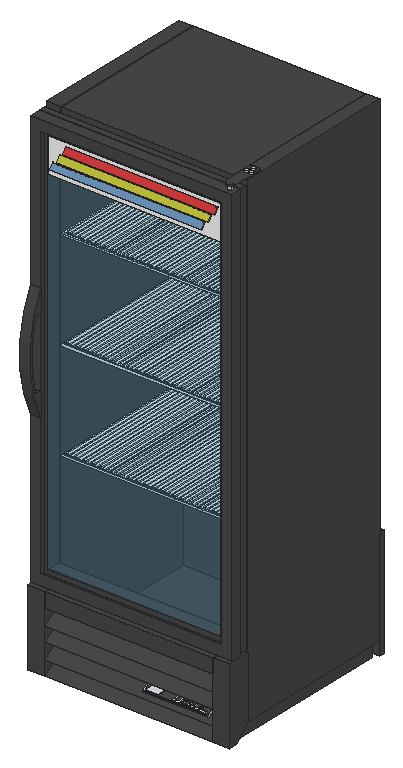
Revit family "QF_TRUE_GDM-12-HC~TSL01", category Specialty Equipment, Revit 2016 (continued)
Definition of nested family "GDM-12-HC-TSL01"
  Definition of nested family "QF_LOGO_TRUE"
    Forms (in)
      Extrusion 5, solid, not visible
        sketch origin (121.45701, -16.5, 4.98235) x (1, 0, 0) y (0, 0, 1)
          loop
            arc (26.3396, 35.45485) -> (26.41429, 35.44188) -> (26.47267, 35.39352) r 0.14748
            arc (26.47267, 35.39352) -> (26.48041, 35.32725) -> (26.45047, 35.26762) r 0.11636
          loop
            arc (26.35412, 35.17841) -> (26.19578, 35.0555) -> (26.00982, 34.98069) r 0.72453
            arc (26.00982, 34.98069) -> (25.9036, 34.95581) -> (25.79459, 34.9604) r 0.40201
            arc (25.79459, 34.9604) -> (25.7275, 34.98819) -> (25.69972, 35.05528) r 0.09488
            arc (25.69972, 35.05528) -> (25.71867, 35.12629) -> (25.77049, 35.17841) r 0.1425
            line (25.77049, 35.17841) -> (25.73665, 35.18748)
            arc (25.73665, 35.18748) -> (25.67632, 35.09876) -> (25.66924, 34.99171) r 0.20432
            arc (25.66924, 34.99171) -> (25.71443, 34.9227) -> (25.79473, 34.90384) r 0.11116
            arc (25.79473, 34.90384) -> (25.91172, 34.89904) -> (26.02716, 34.91862) r 0.56145
            arc (26.02716, 34.91862) -> (26.27675, 35.021) -> (26.49584, 35.17841) r 1.15683
            line (26.49584, 35.17841) -> (26.35412, 35.17841)
        from 31.54261 to 31.56272
    Dimensions and locks (in)
      aligned and locked: level to plane 2
      aligned and locked: Extrusion 2 to Extrusion 3  (x2)
      aligned and locked: Extrusion 2 sketch curve to Extrusion 3
Definition of nested family "2.5 INCHES_CASTER"
  Parameters (values of type "2.5 INCHES_CASTER")
    Weight = ""
    URL Manufacturer = ""
    URL Cutsheet = ""
    URL = ""
    Type Mark [instance] = ""
    Specification by User [instance] = ""
    Specification by Manufacturer = ""
    Serial Number = ""
    Seismic Rating = ""
    SMACNA No = ""
    Revision Code [instance] = ""
    Omniclass Number and Title = ""
    NAFEM Spec ID Number = ""
    Model = ""
    MasterSpec. = ""
    Manufacturer = ""
    Item Number [instance] = ""
    Installed By [instance] = ""
    Identify Quantity as Lot [instance] = yes
    Furnished By [instance] = ""
    Foodservice Equipment Identifier [instance] = yes
    Description = ""
    CSI MasterFormat = ""
    CSI Master Format = ""
    Assembly Code = ""
    2.5 Inches Caster [instance] = yes
  Reference planes (in)
    plane 1: z = 0
    plane 2 "RIGHT": x = 0
    plane 3 "FRONT": y = 0
    plane 4 "TOP": z = 2.5
  Forms (in)
    Revolve 1, solid, visible <- "2.5 Inches Caster"
      sketch origin (-1.93794, 0.83816, -1.0041) x (1, 0, 0) y (0, 0, 1)
        loop
          line (0.74055, 1.92597) -> (0.74055, 1.85047) -> (0.79055, 1.80047) -> (0.85055, 1.80047) -> (0.85055, 1.6804) -> (1.235, 1.6804) -> (1.235, 1.61305) -> (1.38673, 1.52545) -> (1.4003, 1.4416) -> (1.34375, 1.4416) -> (1.34375, 1.3166) -> (1.375, 1.3166) -> (1.375, 1.0041) -> (2.48438, 1.0041) -> (2.48438, 1.3166) -> (2.51563, 1.3166) -> (2.51563, 1.4416) -> (2.45908, 1.4416) -> (2.47322, 1.52897) -> (2.62438, 1.61624) -> (2.62438, 1.6804) -> (3.04007, 1.6804) -> (3.04007, 1.80047) -> (3.10007, 1.80047) -> (3.15007, 1.85047) -> (3.15007, 1.92597) -> (0.74055, 1.92597)
        axis (0.74055, 1.92597) -> (3.15007, 1.92597)
      angle from 0 to 360
    Extrusion 2, solid, visible <- "2.5 Inches Caster"
      sketch origin (-1.93794, 1.80294, -3.2541) x (0, 1, 0) y (0, 0, 1)
        loop
          line (-0.64294, 5.43229) -> (-0.64294, 5.55298) -> (-2.21294, 5.55298) -> (-2.21294, 5.30272) -> (-1.81966, 5.30272)
          arc (-1.81966, 5.30272) -> (-1.13638, 5.20789) -> (-0.46376, 5.05475) r 8.02767
          arc (-0.46376, 5.05475) -> (-0.19511, 4.95469) -> (0.05138, 4.80832) r 1.60049
          line (0.05138, 4.80832) -> (0.12713, 4.91318)
          arc (0.12713, 4.91318) -> (-0.07255, 5.06376) -> (-0.29048, 5.18644) r 1.8753
          line (-0.29048, 5.18644) -> (-0.22239, 5.30423)
          arc (-0.22239, 5.30423) -> (-0.42776, 5.38437) -> (-0.64294, 5.43229) r 1.44292
      from 1.17357 to 2.70231
    Revolve 3, solid, visible <- "2.5 Inches Caster"
      sketch origin (0, 2.10856, -3.75) x (0, 1, 0) y (0, 0, 1)
        loop
          line (-1.73858, 6.25) -> (-1.73858, 6.04889) -> (-1.05793, 6.04889) -> (-1.05793, 6.25) -> (-1.73858, 6.25)
        axis (-1.73858, 6.04889) -> (-1.73858, 6.25)
      angle from 0 to 360
    Extrusion 4, solid, visible <- "2.5 Inches Caster"
      sketch origin (-1.98481, 1.80294, -1.7541) x (0, 1, 0) y (0, 0, 1)
        loop
          line (-2.21294, 4.05298) -> (-2.21294, 3.80272) -> (-2.13999, 3.80272)
          arc (-2.13999, 3.80272) -> (-1.62379, 3.51899) -> (-1.39241, 2.97729) r 0.90292
          arc (-1.39241, 2.97729) -> (-1.36136, 2.78161) -> (-1.29729, 2.59413) r 1.15385
          arc (-1.29729, 2.59413) -> (-0.94802, 2.37355) -> (-0.6121, 2.61396) r 0.37001
          arc (-0.6121, 2.61396) -> (-0.59625, 2.66241) -> (-0.58446, 2.712) r 0.61695
          arc (-0.58446, 2.712) -> (-0.36134, 3.11665) -> (0.05609, 3.31484) r 0.75313
          line (0.05609, 3.31484) -> (0.12713, 3.41318)
          arc (0.12713, 3.41318) -> (-0.07255, 3.56376) -> (-0.29048, 3.68644) r 1.8753
          line (-0.29048, 3.68644) -> (-0.22239, 3.80423)
          arc (-0.22239, 3.80423) -> (-0.42776, 3.88437) -> (-0.64294, 3.93229) r 1.44292
          line (-0.64294, 3.93229) -> (-0.64294, 4.05298) -> (-2.21294, 4.05298)
      from 2.74918 to 2.90825
    Extrusion 5, solid, visible <- "2.5 Inches Caster"
      sketch origin (1.98481, 1.80294, -1.7541) x (0, 1, 0) y (0, 0, -1)
        loop
          line (-2.21294, -4.05298) -> (-0.64294, -4.05298) -> (-0.64294, -3.93229)
          arc (-0.64294, -3.93229) -> (-0.42776, -3.88437) -> (-0.22239, -3.80423) r 1.44292
          line (-0.22239, -3.80423) -> (-0.29048, -3.68644)
          arc (-0.29048, -3.68644) -> (-0.07255, -3.56376) -> (0.12713, -3.41318) r 1.8753
          line (0.12713, -3.41318) -> (0.05609, -3.31484)
          arc (0.05609, -3.31484) -> (-0.36134, -3.11665) -> (-0.58446, -2.712) r 0.75313
          arc (-0.58446, -2.712) -> (-0.59625, -2.66241) -> (-0.6121, -2.61396) r 0.61695
          arc (-0.6121, -2.61396) -> (-0.94802, -2.37355) -> (-1.29729, -2.59413) r 0.37001
          arc (-1.29729, -2.59413) -> (-1.36136, -2.78161) -> (-1.39241, -2.97729) r 1.15385
          arc (-1.39241, -2.97729) -> (-1.62379, -3.51899) -> (-2.13999, -3.80272) r 0.90292
          line (-2.13999, -3.80272) -> (-2.21294, -3.80272) -> (-2.21294, -4.05298)
      from 2.74918 to 2.90825
  Lines and regions (in)
    symbolic lines, visible <- "2.5 Inches Caster"
      curve 1: line (0.10651, 1.96132, 0) -> (0.80944, 1.55548, 0)
      curve 2: line (-0.89349, 0.22927, 0) -> (0.10651, 1.96132, 0)
      curve 3: line (-0.19056, -0.17657, 0) -> (-0.89349, 0.22927, 0)
      curve 4: line (0.80944, 1.55548, 0) -> (-0.19056, -0.17657, 0)
  Dimensions and locks (in)
    plane 4 "TOP" to level = 2 1/2"  (x2)
    aligned and locked: level to plane 1
